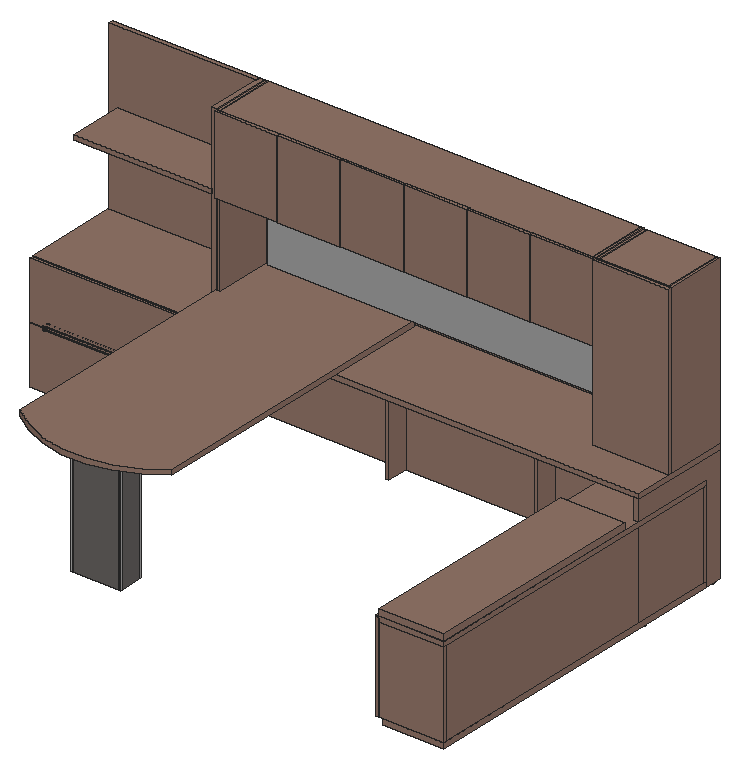
Revit family "OFS TYPICAL T100009", category Furniture, Revit 2022
Family settings
  OmniClass Number = 23.40.20.00
  OmniClass Title = General Furniture and Specialties
  Work Plane-Based = No
  Always vertical = Yes
  Cut with Voids When Loaded = No
  Render Appearance Source = Family Geometry
  Shared = No
  Room Calculation Point = No
Parameters (values of type "T100009")
  URL = "http://ofs.com/"
  Model = "T100009"
  Manufacturer = "OFS"
  Description = "OFS TYPICAL T100009"
  Default Elevation = 0' - 0"
  Copyright © = "©OFS 2024"
  Catalog = ""
  Authoring Version = "Autodesk Revit 2018"
  Assembly Code = "E2020200"
Reference planes (in)
  plane 1 "Center Front/Back": y = 0
  plane 2: z = 0
  plane 3 "Center Left/Right": x = 0
Dimensions and locks (in)
  aligned and locked: level to plane 2
Nested families (in)
  nested 1: "OFS SLATE CREDENZA SHELL" at (53.51245, 0, 0), type "Credenza Shell 108"W"
    with Top OFS SLATE Dark Wood, Panel OFS SLATE Dark Wood, Mount Panel OFS SLATE Dark Wood, Glides OFS SLATE Black Plastic
  nested 2: "OFS SLATE WORKSURFACE STORAGE CABINET" at (53.51245, 0, 0), type "Worksurface Storage Cabinet 39.5H - Single Door Right - 18W x 15D"
    with Top OFS SLATE Dark Wood, Panel OFS SLATE Dark Wood, Elevation 2' - 5 1/4", Door OFS SLATE Dark Wood, Case OFS SLATE Dark Wood, Base OFS SLATE Dark Wood, Back OFS SLATE Dark Wood
  nested 3: "OFS SLATE CREDENZAS" at (-90.48755, 0, 0), type "36"W Lateral File"
    with Top OFS Dark Wood, Panel OFS Dark Wood, Glides OFS Black Plastic, Drawers OFS Dark Wood, Case OFS Dark Wood, Base OFS Dark Wood
  nested 4: "OFS SLATE OPEN SHELF ORGANIZER" at (-54.48755, 0, 0), type "Open Shelf Organizer1 Shelf - Left 1 High - 36W x 40H"
    with Shelf OFS SLATE Dark Wood, Panel OFS SLATE Dark Wood, Elevation 2' - 5 1/4"
  nested 5: "OFS SLATE CUSHION FOR LOW HEIGHT CREDENZA" at (38.26245, -82, 0) x (0, 1, 0) z (0, 0, 1), type "54"W"
    with Surface OFS SLATE Dark Wood, Elevation 2' - 0 3/4"
  nested 6: "OFS SLATE LOW HEIGHT CREDENZA" at (53.51245, -4, 0) x (0, -1, 0) z (0, 0, 1), type "78"W Left"
    with Top OFS SLATE Dark Wood, Shelfs OFS SLATE Dark Wood, Right no, Panel OFS SLATE Dark Wood, Left yes, Glides OFS SLATE Black Plastic, Drawers OFS SLATE Dark Wood, Case OFS SLATE Dark Wood, Base OFS SLATE Dark Wood
  nested 7: "OFS SLATE TACKBOARDS" at (-54.5625, 0, 0), type "Tackboard 90W x 19D"
    with Elevation 2' - 6 1/2", Board OFS SLATE White Fabric
  nested 8: "OFS SLATE HIGHBACK ORGANIZER" at (-54.5, 0, 0), type "Highback Organizer 6 Doors 90W x 40H - 1 High"
    with Top OFS SLATE Dark Wood, Show Doors yes, Panel OFS SLATE Dark Wood, Elevation 2' - 5 1/4", Doors OFS SLATE Dark Wood, Center Doors yes, Base Panel OFS SLATE Dark Wood, Base OFS SLATE Dark Wood, Back OFS SLATE Dark Wood
  nested 9: "OFS SLATE OVERLAY RUNOFF DESK POST" at (-18.48828, -0.75, 0) x (0, -1, 0) z (0, 0, 1), type "Overlay Runoff Desk with Post Base 78W x 36D - Arc End Top"
    with Worksurface OFS Dark Wood, Column Edge OFS Metal, Column OFS Black Wood
Definition of nested family "OFS SLATE CREDENZA SHELL"
  Parameters (values of type "Credenza Shell 108"W")
    Width = 9' - 0"
    URL = "http://www.ofs.com/"
    Top [instance] = none
    Panel [instance] = none
    Mount Panel [instance] = none
    Model = "CA-10824SHEL"
    Manufacturer = "CAROLINA"
    Length = if(Width = 9' 0", 1' 5.612", 0' 0")  # 1' - 5.612"
    Glides [instance] = none
    Description = "OFS SLATE Credenza Shell 108W x 24D x 29.25H, Slate Private Office"
    Default Elevation = 0' - 0"
    Copyright © = "© 2019 OFS"
    Catalog = "https://ofs.com/products/tables/conference/slate"
    Authoring Version = "Autodesk Revit Architecture 2014"
    Assembly Code = "E2020200"
  Types (3): name | Width | Model | Length | Description
    Credenza Shell 108"W | 9' - 0" | "CA-10824SHEL" | 1' - 5.612" | "OFS SLATE Credenza Shell 108W x 24D x 29.25H, Slate Private Office"
    Credenza Shell 90"W | 7' - 6" | "CA-9024SHEL" | 0' - 0" | "OFS SLATE Credenza Shell 90W x 24D x 29.25H, Slate Private Office"
    Credenza Shell 72"W | 6' - 0" | "CA-7224SHEL" | 0' - 0" | "OFS SLATE Credenza Shell 72W x 24D x 29.25H, Slate Private Office"
  Reference planes (in)
    plane 1 "Center (Front/Back)": y = 0
    plane 2: z = 0
    plane 3 "Center (Left/Right)": x = 0
    plane 4: x = -108
    plane 5: y = -24
    plane 6: x = -54
    plane 7: y = -12
    plane 8: z = 29.2
    plane 9: z = 28.0125
    plane 10: z = 27.2625
    plane 11: z = 14.45
    plane 12: z = 6.7125
    plane 13: z = 0.45
    plane 14: y = -1.37544
    plane 15: y = -21.74956
    plane 16: x = -71.612
    plane 17: x = -36.388
  Forms (in)
    Extrusion 1, solid, material <- "Panel"
      sketch origin (0, 0, 0) x (1, 0, 0) y (0, 0, 1)
        loop
          line (-108, 0.45) -> (-106.8125, 0.45) -> (-106.8125, 28.0125) -> (-108, 28.0125) -> (-108, 0.45)
        loop
          line (0, 0.45) -> (0, 28.0125) -> (-1.1875, 28.0125) -> (-1.1875, 0.45) -> (0, 0.45)
      from 0 to 24
    Revolve 2, solid, material <- "Glides"
      sketch origin (-71.77935, -1.37544, 47.24409) x (-1, 0, 0) y (0, 0, 1)
        loop
          line (35.6269, -46.79409) -> (35.6269, -47.24409) -> (35.8769, -47.24409)
          arc (35.8769, -47.24409) -> (36.00288, -47.13421) -> (35.91558, -46.99165) r 0.12951
          line (35.91558, -46.99165) -> (35.8769, -46.99165) -> (35.8769, -46.79409) -> (35.6269, -46.79409)
        axis (35.6269, -47.24409) -> (35.6269, -46.79409)
      angle from 0 to 360
    Revolve 3, solid, material <- "Glides"
      sketch origin (-71.77935, -21.74956, 47.24409) x (-1, 0, 0) y (0, 0, 1)
        loop
          line (35.6269, -46.79409) -> (35.6269, -47.24409) -> (35.8769, -47.24409)
          arc (35.8769, -47.24409) -> (36.00288, -47.13421) -> (35.91558, -46.99165) r 0.12951
          line (35.91558, -46.99165) -> (35.8769, -46.99165) -> (35.8769, -46.79409) -> (35.6269, -46.79409)
        axis (35.6269, -47.24409) -> (35.6269, -46.79409)
      angle from 0 to 360
    Revolve 4, solid, material <- "Glides"
      sketch origin (-0.22065, -1.37544, 47.24409) x (1, 0, 0) y (0, 0, -1)
        loop
          line (-0.3731, 46.79409) -> (-0.1231, 46.79409) -> (-0.1231, 46.99165) -> (-0.08442, 46.99165)
          arc (-0.08442, 46.99165) -> (0.00288, 47.13421) -> (-0.1231, 47.24409) r 0.12951
          line (-0.1231, 47.24409) -> (-0.3731, 47.24409) -> (-0.3731, 46.79409)
        axis (-0.3731, 47.24409) -> (-0.3731, 46.79409)
      angle from 0 to 360
    Revolve 5, solid, material <- "Glides"
      sketch origin (-0.22065, -21.74956, 47.24409) x (1, 0, 0) y (0, 0, -1)
        loop
          line (-0.3731, 46.79409) -> (-0.1231, 46.79409) -> (-0.1231, 46.99165) -> (-0.08442, 46.99165)
          arc (-0.08442, 46.99165) -> (0.00288, 47.13421) -> (-0.1231, 47.24409) r 0.12951
          line (-0.1231, 47.24409) -> (-0.3731, 47.24409) -> (-0.3731, 46.79409)
        axis (-0.3731, 47.24409) -> (-0.3731, 46.79409)
      angle from 0 to 360
    Extrusion 6, solid, material <- "Top"
      sketch origin (0, 0, 0) x (0, 1, 0) y (0, 0, 1)
        loop
          line (0, 29.2) -> (-24, 29.2) -> (-24, 28.0125) -> (0, 28.0125) -> (0, 29.2)
      from 0 to -108
    Extrusion 7, solid, material <- "Panel"
      sketch origin (0, 0, 0) x (1, 0, 0) y (0, 1, 0)
        loop
          line (-106.0625, -3.25) -> (-106.0625, 0) -> (-106.8125, 0) -> (-106.8125, -3.25) -> (-106.0625, -3.25)
        loop
          line (-1.9375, -3.25) -> (-1.1875, -3.25) -> (-1.1875, 0) -> (-1.9375, 0) -> (-1.9375, -3.25)
      from 0.45 to 28.0125
    Extrusion 8, solid, material <- "Mount Panel"
      sketch origin (0, 0, 0) x (1, 0, 0) y (0, 1, 0)
        loop
          line (-106.8125, -3.25) -> (-106.8125, -4) -> (-1.1875, -4) -> (-1.1875, -3.25) -> (-106.8125, -3.25)
      from 0.45 to 14.45
    Extrusion 9, void
      sketch origin (-71.612, -9, 47.24409) x (0, -1, 0) y (0, 0, 1)
        loop
          line (-5.75, -19.2316) -> (-5.75, -46.79409) -> (0, -46.79409) -> (0, -19.2316) -> (-5.75, -19.2316)
      from -0.5 to 0.5
    Extrusion 10, solid, material <- "Panel"
      sketch origin (0, 0, 0) x (1, 0, 0) y (0, 1, 0)
        loop
          line (-71.987, 0) -> (-72.737, 0) -> (-72.737, -3.25) -> (-71.987, -3.25) -> (-71.987, 0)
        loop
          line (-70.487, 0) -> (-71.237, 0) -> (-71.237, -3.25) -> (-70.487, -3.25) -> (-70.487, 0)
      from 0.45 to 28.0125
    Extrusion 11, solid, material <- "Mount Panel"
      sketch origin (0, 0, 0) x (1, 0, 0) y (0, 1, 0)
        loop
          line (-106.6875, -3.25) -> (-106.6875, -4) -> (-1.3125, -4) -> (-1.3125, -3.25) -> (-106.6875, -3.25)
      from 14.575 to 27.2625
    Extrusion 12, solid, material <- "Panel"
      sketch origin (-71.612, -9, 47.24409) x (0, 1, 0) y (0, 0, 1)
        loop
          line (9, -19.2316) -> (0, -19.2316) -> (0, -46.79409) -> (9, -46.79409) -> (9, -19.2316)
      from -0.375 to 0.375
    Extrusion 13, solid, material <- "Panel"
      sketch origin (-108, 0, 0) x (-1, 0, 0) y (0, -1, 0)
        loop
          line (-71.987, 0) -> (-71.987, 3.25) -> (-72.737, 3.25) -> (-72.737, 0) -> (-71.987, 0)
        loop
          line (-70.487, 0) -> (-70.487, 3.25) -> (-71.237, 3.25) -> (-71.237, 0) -> (-70.487, 0)
      from 0.45 to 28.0125
    Extrusion 14, solid, material <- "Panel"
      sketch origin (-36.388, -9, 47.24409) x (0, 1, 0) y (0, 0, -1)
        loop
          line (9, 19.2316) -> (9, 46.79409) -> (0, 46.79409) -> (0, 19.2316) -> (9, 19.2316)
      from -0.375 to 0.375
    Extrusion 15, void
      sketch origin (-36.388, -9, 47.24409) x (0, -1, 0) y (0, 0, -1)
        loop
          line (-5.75, 19.2316) -> (0, 19.2316) -> (0, 46.79409) -> (-5.75, 46.79409) -> (-5.75, 19.2316)
      from -0.5 to 0.5
    Extrusion 16, void
      sketch origin (-71.612, -9, 47.24409) x (0, -1, 0) y (0, 0, 1)
        loop
          line (0, -46.79409) -> (0, -19.2316) -> (-5.75, -19.2316) -> (-5.75, -46.79409) -> (0, -46.79409)
      from -0.375 to 0.375
    Extrusion 17, void
      sketch origin (-36.388, -9, 47.24409) x (0, -1, 0) y (0, 0, -1)
        loop
          line (0, 46.79409) -> (-5.75, 46.79409) -> (-5.75, 19.2316) -> (0, 19.2316) -> (0, 46.79409)
      from -0.375 to 0.375
  Cuts and joins
    Extrusion 9, Extrusion 15, Extrusion 16, Extrusion 17 cuts Extrusion 6
    Extrusion 9, Extrusion 15 cuts Extrusion 11
    Extrusion 15 cuts Extrusion 10
    Extrusion 16, Extrusion 17 cuts Extrusion 8
  Lines and regions (in)
    Masking region 1
      outline origin (-78.64777, -60, 29.2) x (-1, 0, 0) y (0, -1, 0)
        loop
          line (29.35223, -60) -> (29.35223, -36) -> (-78.64777, -36) -> (-78.64777, -60) -> (29.35223, -60)
  Dimensions and locks (in)
    equal spacing: plane 4, plane 6, plane 3 "Center (Left/Right)"
    "Width": plane 4 to plane 3 "Center (Left/Right)"
    equal spacing: plane 5, plane 7, plane 1 "Center (Front/Back)"
    locked: plane 5 to plane 1 "Center (Front/Back)" at 24
    "Length": plane 16 to plane 6
    "Length": plane 17 to plane 6
    aligned and locked: level to plane 2
    aligned and locked: plane 6 to nested 1
    aligned and locked: nested 1 to plane 5
    aligned and locked: plane 9 to Extrusion 1 sketch curve  (x2)
    aligned and locked: plane 4 to Extrusion 1 sketch curve
    aligned and locked: Extrusion 1 sketch curve to plane 13  (x2)
    aligned and locked: Extrusion 1 sketch curve to plane 3 "Center (Left/Right)"
    aligned and locked: Extrusion 1 to plane 5
    aligned and locked: Extrusion 1 to plane 1 "Center (Front/Back)"
    aligned and locked: Extrusion 6 sketch curve to plane 8
    aligned and locked: Extrusion 6 sketch curve to plane 9
    aligned and locked: plane 1 "Center (Front/Back)" to Extrusion 6 sketch curve
    aligned and locked: Extrusion 6 sketch curve to plane 5
    aligned and locked: plane 4 to Extrusion 6
    aligned and locked: Extrusion 7 to plane 9
    aligned and locked: Extrusion 7 to plane 13
    aligned and locked: Extrusion 8 to plane 11
    aligned and locked: plane 10 to Extrusion 11
    aligned and locked: Masking region 1 sketch curve to Extrusion 1  (x2)
    aligned and locked: Masking region 1 sketch curve to plane 3 "Center (Left/Right)"
    aligned and locked: Masking region 1 sketch curve to plane 5
  Automatic sketch dimensions
    Extrusion 1 sketch curve to plane 4 = 0' - 1 3/16"
    Extrusion 1 sketch curve to plane 3 "Center (Left/Right)" = 0' - 1 3/16"
    Revolve 2 sketch curve to plane 13 = 0' - 0"  (x2)
    Revolve 2 sketch curve to level = 0' - 0"
    Revolve 2 sketch curve to plane 4 = 0' - 0 19/32"
    level to Revolve 2 sketch curve = 0' - 0.1295"
    Revolve 2 sketch curve to Revolve 2 sketch curve = 0' - 0.24796"
    Revolve 2 sketch curve to Revolve 2 sketch curve = 0' - 0.00204"  (x2)
    Revolve 2 sketch curve to Revolve 2 sketch curve = 0' - 0.03868"
    Revolve 2 sketch curve to Revolve 2 sketch curve = 0' - 0"
    Revolve 2 sketch curve to plane 13 = 0' - 0.08255"
    Revolve 3 sketch curve to plane 13 = 0' - 0"  (x2)
    Revolve 3 sketch curve to level = 0' - 0"
    Revolve 3 sketch curve to plane 4 = 0' - 0 19/32"
    level to Revolve 3 sketch curve = 0' - 0.1295"
    Revolve 3 sketch curve to Revolve 3 sketch curve = 0' - 0.24796"
    Revolve 3 sketch curve to Revolve 3 sketch curve = 0' - 0.00204"  (x2)
    Revolve 3 sketch curve to Revolve 3 sketch curve = 0' - 0.03868"
    Revolve 3 sketch curve to Revolve 3 sketch curve = 0' - 0"
    Revolve 3 sketch curve to plane 13 = 0' - 0.08255"
    Revolve 4 sketch curve to plane 13 = 0' - 0"  (x2)
    Revolve 4 sketch curve to level = 0' - 0"
    Revolve 4 sketch curve to plane 3 "Center (Left/Right)" = 0' - 0 19/32"
    level to Revolve 4 sketch curve = 0' - 0.1295"
    Revolve 4 sketch curve to Revolve 4 sketch curve = 0' - 0.24796"
    Revolve 4 sketch curve to Revolve 4 sketch curve = 0' - 0.00204"  (x2)
    Revolve 4 sketch curve to Revolve 4 sketch curve = 0' - 0.03868"
    Revolve 4 sketch curve to Revolve 4 sketch curve = 0' - 0"
    Revolve 4 sketch curve to Revolve 4 sketch curve = 0' - 0.08255"
    Revolve 5 sketch curve to plane 13 = 0' - 0"  (x2)
    Revolve 5 sketch curve to level = 0' - 0"
    Revolve 5 sketch curve to plane 3 "Center (Left/Right)" = 0' - 0 19/32"
    level to Revolve 5 sketch curve = 0' - 0.1295"
    Revolve 5 sketch curve to Revolve 5 sketch curve = 0' - 0.24796"
    Revolve 5 sketch curve to Revolve 5 sketch curve = 0' - 0.00204"  (x2)
    Revolve 5 sketch curve to Revolve 5 sketch curve = 0' - 0.03868"
    Revolve 5 sketch curve to Revolve 5 sketch curve = 0' - 0"
    Revolve 5 sketch curve to Revolve 5 sketch curve = 0' - 0.08255"
    Extrusion 7 sketch curve to plane 1 "Center (Front/Back)" = 0' - 0"
    plane 1 "Center (Front/Back)" to Extrusion 7 sketch curve = 0' - 0"
    Extrusion 7 sketch curve to plane 4 = 0' - 1 3/16"
    Extrusion 7 sketch curve to Extrusion 7 sketch curve = 0' - 0 3/4"  (x2)
    Extrusion 7 sketch curve to plane 3 "Center (Left/Right)" = 0' - 1 15/16"
    Extrusion 7 sketch curve to plane 14 = 0' - 1.87456"  (x2)
    Extrusion 8 sketch curve to plane 4 = 0' - 1 3/16"
    Extrusion 8 sketch curve to plane 3 "Center (Left/Right)" = 0' - 1 3/16"
    Extrusion 8 sketch curve to plane 14 = 0' - 2.62456"
    Extrusion 8 sketch curve to Extrusion 8 sketch curve = 0' - 0 3/4"
    plane 13 to Extrusion 9 sketch curve = 0' - 0"
    plane 9 to Extrusion 9 sketch curve = 0' - 0"
    Extrusion 9 sketch curve to plane 14 = 0' - 1.87456"
    plane 7 to Extrusion 9 sketch curve = 0' - 3"
    plane 1 "Center (Front/Back)" to Extrusion 10 sketch curve = 0' - 0"  (x2)
    Extrusion 10 sketch curve to plane 16 = 0' - 1 1/8"
    Extrusion 10 sketch curve to plane 16 = 0' - 0 3/8"
    plane 16 to Extrusion 10 sketch curve = 0' - 0 3/8"
    Extrusion 10 sketch curve to Extrusion 10 sketch curve = 0' - 0 3/4"
    Extrusion 10 sketch curve to plane 14 = 0' - 1.87456"
    Extrusion 10 sketch curve to Extrusion 10 sketch curve = 0' - 0"
    Extrusion 11 sketch curve to plane 4 = 0' - 1 5/16"
    Extrusion 11 sketch curve to plane 3 "Center (Left/Right)" = 0' - 1 5/16"
    Extrusion 11 sketch curve to plane 14 = 0' - 2.62456"
    Extrusion 11 sketch curve to Extrusion 11 sketch curve = 0' - 0 3/4"
    plane 9 to Extrusion 12 sketch curve = 0' - 0"
    plane 13 to Extrusion 12 sketch curve = 0' - 0"
    Extrusion 12 sketch curve to plane 1 "Center (Front/Back)" = 0' - 0"
    plane 7 to Extrusion 12 sketch curve = 0' - 3"
    plane 1 "Center (Front/Back)" to Extrusion 13 sketch curve = 0' - 0"  (x2)
    plane 17 to Extrusion 13 sketch curve = 0' - 1 1/8"
    plane 17 to Extrusion 13 sketch curve = 0' - 0 3/8"
    Extrusion 13 sketch curve to plane 17 = 0' - 0 3/8"
    Extrusion 13 sketch curve to Extrusion 13 sketch curve = 0' - 0 3/4"
    plane 14 to Extrusion 13 sketch curve = 0' - 1.87456"
    Extrusion 13 sketch curve to Extrusion 13 sketch curve = 0' - 0"
    plane 9 to Extrusion 14 sketch curve = 0' - 0"
    plane 13 to Extrusion 14 sketch curve = 0' - 0"
    Extrusion 14 sketch curve to plane 1 "Center (Front/Back)" = 0' - 0"
    Extrusion 14 sketch curve to plane 7 = 0' - 3"
    plane 13 to Extrusion 15 sketch curve = 0' - 0"
    plane 9 to Extrusion 15 sketch curve = 0' - 0"
    plane 14 to Extrusion 15 sketch curve = 0' - 1.87456"
    Extrusion 15 sketch curve to plane 7 = 0' - 3"
    plane 13 to Extrusion 16 sketch curve = 0' - 0"
    plane 9 to Extrusion 16 sketch curve = 0' - 0"
    plane 7 to Extrusion 16 sketch curve = 0' - 3"
    Extrusion 16 sketch curve to plane 14 = 0' - 1.87456"
    Extrusion 17 sketch curve to plane 7 = 0' - 3"
    plane 9 to Extrusion 17 sketch curve = 0' - 0"
    plane 13 to Extrusion 17 sketch curve = 0' - 0"
    plane 14 to Extrusion 17 sketch curve = 0' - 1.87456"
  Nested families (in)
    nested 1: "Tag" at (-54, -24, 0) x (-1, 0, 0) z (0, 0, 1), type "Center", detail levels fine
      with Offset (LR) 0' - 0", Distance of Center (not Change) 0' - 0.11"
  Definition of nested family "Tag"
    Parameters
      P_Width = 0' - 0"
      Text_Width = "Empty"
      Text_Height = "Empty"
      Text_Diameter = "Empty"
      Text_Depth = "Empty"
      Offset (LR) [instance] = 0' - 0"
      Model Name = ""
      P_Height = 0' - 0"
      Distance of Center (not Change) = 0' - 0"
      P_Diameter = 0' - 0"
      P_Depth = 0' - 0"
    Reference planes (in)
      plane 1: y = 0
      plane 2: x = 0
    Lines and regions (in)
      reference lines
        curve 1: line (-0.44359, 0, 0) -> (0.41085, 0, 0)
        curve 3: line (0, 0.32564, 0) -> (0, -0.40221, 0)
      reference lines, not visible
        curve 2: line (-0.44359, 0.09843, 0) -> (0.41085, 0.09843, 0)
        curve 4: line (0, 0.42407, 0) -> (0, -0.30379, 0)
    Text (in)
      label "Empty" at (0.00197, -0.0079, 0), shows "Model Name"
      label "Empty" at (0.00197, 0.09052, 0), shows "Model Name", not visible
    Dimensions and locks (in)
      "Distance of Center (not Change)": plane 1 to curve 1
      "Offset (LR)": curve 3 to plane 2
    Automatic sketch dimensions
      curve 1 to curve 3 = 0' - 0.44359"
      curve 3 to curve 1 = 0' - 0.41085"
      curve 3 to curve 1 = 0' - 0.40221"
      curve 1 to curve 3 = 0' - 0.32564"
      curve 2 to curve 4 = 0' - 0.44359"
      curve 4 to curve 2 = 0' - 0.41085"
      curve 4 to curve 2 = 0' - 0.40221"
      curve 2 to curve 4 = 0' - 0.32564"
Definition of nested family "OFS SLATE WORKSURFACE STORAGE CABINET"
  Parameters (values of type "Worksurface Storage Cabinet Legal Depth 39.5H - Single Door Left - 18W x 15D")
    Width = 1' - 6"
    URL = "http://www.ofs.com/"
    Top [instance] = none
    Single Door = yes
    Right = no
    Panel [instance] = none
    Model = "CA-181840WSCL"
    Manufacturer = "CAROLINA"
    Left = yes
    Height = 3' - 4"
    Elevation [instance] = 2' - 5 1/4"
    Door [instance] = none
    Double Doors = no
    Doors = or(Double Doors, Left)  # yes
    Description = "OFS SLATE Worksurface Storage Cabinet, Legal Depth, Single Door Left 18W x 15D x 39.5H, Slate Private Office"
    Depth = 1' - 6"
    Default Elevation = 0' - 0"
    Copyright © = "© 2019 OFS"
    Catalog = "https://ofs.com/products/tables/conference/slate"
    Case [instance] = none
    Base [instance] = none
    Back [instance] = none
    Authoring Version = "Autodesk Revit Architecture 2014"
    Assembly Code = "E2020200"
  Types (24): name | Width | Single Door | Right | Model | Left | Height | Double Doors | Doors | Description | Depth
    Worksurface Storage Cabinet Legal Depth 51.5H - Double Doors - 36W x 15D | 3' - 0" | no | no | "CA-361852WSC" | no | 4' - 4" | yes | yes | "OFS SLATE Worksurface Storage Cabinet, Legal Depth, Double Doors 36W x 15D x 51.5H, Slate Private Office" | 1' - 6"
    Worksurface Storage Cabinet Legal Depth 51.5H - Double Doors - 30W x 15D | 2' - 6" | no | no | "CA-301852WSC" | no | 4' - 4" | yes | yes | "OFS SLATE Worksurface Storage Cabinet, Legal Depth, Double Doors 30W x 15D x 51.5H, Slate Private Office" | 1' - 6"
    Worksurface Storage Cabinet Legal Depth 39.5H - Double Doors - 36W x 15D | 3' - 0" | no | no | "CA-361840WSC" | no | 3' - 4" | yes | yes | "OFS SLATE Worksurface Storage Cabinet, Legal Depth, Double Doors 36W x 15D x 39.5H, Slate Private Office" | 1' - 6"
    Worksurface Storage Cabinet Legal Depth 39.5H - Double Doors - 30W x 15D | 2' - 6" | no | no | "CA-301840WSC" | no | 3' - 4" | yes | yes | "OFS SLATE Worksurface Storage Cabinet, Legal Depth, Double Doors 30W x 15D x 39.5H, Slate Private Office" | 1' - 6"
    Worksurface Storage Cabinet Legal Depth 51.5H - Single Door Left - 24W x 15D | 2' - 0" | yes | no | "CA-241852WSCL" | yes | 4' - 4" | no | yes | "OFS SLATE Worksurface Storage Cabinet, Legal Depth, Single Door Left 24W x 15D x 51.5H, Slate Private Office" | 1' - 6"
    Worksurface Storage Cabinet Legal Depth 51.5H - Single Door Left - 18W x 15D | 1' - 6" | yes | no | "CA-181852WSCL" | yes | 4' - 4" | no | yes | "OFS SLATE Worksurface Storage Cabinet, Legal Depth, Single Door Left 18W x 15D x 51.5H, Slate Private Office" | 1' - 6"
    Worksurface Storage Cabinet Legal Depth 51.5H - Single Door Right - 24W x 15D | 2' - 0" | yes | yes | "CA-241852WSCR" | no | 4' - 4" | no | no | "OFS SLATE Worksurface Storage Cabinet, Legal Depth, Single Door Right 24W x 15D x 51.5H, Slate Private Office" | 1' - 6"
    Worksurface Storage Cabinet Legal Depth 51.5H - Single Door Right - 18W x 15D | 1' - 6" | yes | yes | "CA-181852WSCR" | no | 4' - 4" | no | no | "OFS SLATE Worksurface Storage Cabinet, Legal Depth, Single Door Right 18W x 15D x 51.5H, Slate Private Office" | 1' - 6"
    Worksurface Storage Cabinet Legal Depth 39.5H - Single Door Left - 24W x 15D | 2' - 0" | yes | no | "CA-241840WSCL" | yes | 3' - 4" | no | yes | "OFS SLATE Worksurface Storage Cabinet, Legal Depth, Single Door Left 24W x 15D x 39.5H, Slate Private Office" | 1' - 6"
    Worksurface Storage Cabinet Legal Depth 39.5H - Single Door Left - 18W x 15D | 1' - 6" | yes | no | "CA-181840WSCL" | yes | 3' - 4" | no | yes | "OFS SLATE Worksurface Storage Cabinet, Legal Depth, Single Door Left 18W x 15D x 39.5H, Slate Private Office" | 1' - 6"
    Worksurface Storage Cabinet Legal Depth 39.5H - Single Door Right - 24W x 15D | 2' - 0" | yes | yes | "CA-241840WSCR" | no | 3' - 4" | no | no | "OFS SLATE Worksurface Storage Cabinet, Legal Depth, Single Door Right 24W x 15D x 39.5H, Slate Private Office" | 1' - 6"
    Worksurface Storage Cabinet Legal Depth 39.5H - Single Door Right - 18W x 15D | 1' - 6" | yes | yes | "CA-181840WSCR" | no | 3' - 4" | no | no | "OFS SLATE Worksurface Storage Cabinet, Legal Depth, Single Door Right 18W x 15D x 39.5H, Slate Private Office" | 1' - 6"
    Worksurface Storage Cabinet 51.5H - Double Doors - 36W x 15D | 3' - 0" | no | no | "CA-3652WSC" | no | 4' - 4" | yes | yes | "OFS SLATE Worksurface Storage Cabinet Double Doors 36W x 15D x 51.5H, Slate Private Office" | 1' - 3"
    Worksurface Storage Cabinet 51.5H - Double Doors - 30W x 15D | 2' - 6" | no | no | "CA-3052WSC" | no | 4' - 4" | yes | yes | "OFS SLATE Worksurface Storage Cabinet Double Doors 30W x 15D x 51.5H, Slate Private Office" | 1' - 3"
    Worksurface Storage Cabinet 39.5H - Double Doors - 36W x 15D | 3' - 0" | no | no | "CA-3640WSC" | no | 3' - 4" | yes | yes | "OFS SLATE Worksurface Storage Cabinet Double Doors 36W x 15D x 39.5H, Slate Private Office" | 1' - 3"
    Worksurface Storage Cabinet 39.5H - Double Doors - 30W x 15D | 2' - 6" | no | no | "CA-3040WSC" | no | 3' - 4" | yes | yes | "OFS SLATE Worksurface Storage Cabinet Double Doors 30W x 15D x 39.5H, Slate Private Office" | 1' - 3"
    Worksurface Storage Cabinet 51.5H - Single Door Left - 24W x 15D | 2' - 0" | yes | no | "CA-2452WSCL" | yes | 4' - 4" | no | yes | "OFS SLATE Worksurface Storage Cabinet Single Door Left 24W x 15D x 51.5H, Slate Private Office" | 1' - 3"
    Worksurface Storage Cabinet 51.5H - Single Door Left - 18W x 15D | 1' - 6" | yes | no | "CA-1852WSCL" | yes | 4' - 4" | no | yes | "OFS SLATE Worksurface Storage Cabinet Single Door Left 18W x 15D x 51.5H, Slate Private Office" | 1' - 3"
    Worksurface Storage Cabinet 51.5H - Single Door Right - 24W x 15D | 2' - 0" | yes | yes | "CA-2452WSCR" | no | 4' - 4" | no | no | "OFS SLATE Worksurface Storage Cabinet Single Door Right 24W x 15D x 51.5H, Slate Private Office" | 1' - 3"
    Worksurface Storage Cabinet 51.5H - Single Door Right - 18W x 15D | 1' - 6" | yes | yes | "CA-1852WSCR" | no | 4' - 4" | no | no | "OFS SLATE Worksurface Storage Cabinet Single Door Right 18W x 15D x 51.5H, Slate Private Office" | 1' - 3"
    Worksurface Storage Cabinet 39.5H - Single Door Left - 24W x 15D | 2' - 0" | yes | no | "CA-2440WSCL" | yes | 3' - 4" | no | yes | "OFS SLATE Worksurface Storage Cabinet Single Door Left 24W x 15D x 39.5H, Slate Private Office" | 1' - 3"
    Worksurface Storage Cabinet 39.5H - Single Door Left - 18W x 15D | 1' - 6" | yes | no | "CA-1840WSCL" | yes | 3' - 4" | no | yes | "OFS SLATE Worksurface Storage Cabinet Single Door Left 18W x 15D x 39.5H, Slate Private Office" | 1' - 3"
    Worksurface Storage Cabinet 39.5H - Single Door Right - 24W x 15D | 2' - 0" | yes | yes | "CA-2440WSCR" | no | 3' - 4" | no | no | "OFS SLATE Worksurface Storage Cabinet Single Door Right 24W x 15D x 39.5H, Slate Private Office" | 1' - 3"
    Worksurface Storage Cabinet 39.5H - Single Door Right - 18W x 15D | 1' - 6" | yes | yes | "CA-1840WSCR" | no | 3' - 4" | no | no | "OFS SLATE Worksurface Storage Cabinet Single Door Right 18W x 15D x 39.5H, Slate Private Office" | 1' - 3"
  Reference planes (in)
    plane 1 "Center (Front/Back)": y = 0
    plane 2: z = 0
    plane 3 "Center (Left/Right)": x = 0
    plane 4: x = 18
    plane 5: x = 9
    plane 6: z = 29.3125
    plane 7: z = 29.25
    plane 8: z = 68.6875
    plane 9: z = 30
    plane 10: z = 68.75
    plane 11: z = 68
    plane 12: z = 69.25
  Dimensions and locks (in)
    "Width": plane 3 "Center (Left/Right)" to plane 4
    equal spacing: plane 3 "Center (Left/Right)", plane 5, plane 4
    plane 12 to plane 10 to plane 8 to plane 11 = 0' - 0 1/2" locked, 0' - 0 1/16" locked, 0' - 0 11/16" locked
    plane 9 to plane 6 to plane 7 = 0' - 0 11/16" locked, 0' - 0 1/16" locked
    "Height": plane 12 to plane 7
    "Elevation": plane 7 to level
    equal spacing: nested 2, nested 4, plane 3 "Center (Left/Right)"
    aligned and locked: level to plane 2
    aligned and locked: nested 3 to nested 1
    aligned and locked: plane 5 to nested 3
    aligned and locked: nested 4 to nested 3
  Nested families (in)
    nested 1: "OFS_Slate Private Office_Worksurface_Storage_Cabinet" at (0, 0, 0), visible <- "Doors", Top <- "Top", Panel <- "Panel", Drawers <- "Door", Case <- "Case", Base <- "Base", Back <- "Back", Elevation <- "Elevation", Double Doors <- "Double Doors", Left <- "Left", type "OFS_Slate Private Office_Worksurface_Storage_Cabinet"
      with Top none, Single Door yes, Right no, Panel none, Left yes, Elevation 2' - 5 1/4", Drawers none, Double Doors no, Case none, Base none, Back none, Depth 1' - 6"
    nested 2: "OFS_Slate Private Office_Worksurface_Storage_Cabinet" at (0, 0, 0) x (-1, 0, 0) z (0, 0, 1), visible <- "Right", Top <- "Top", Panel <- "Panel", Drawers <- "Door", Case <- "Case", Base <- "Base", Back <- "Back", Elevation <- "Elevation", type "OFS_Slate Private Office_Worksurface_Storage_Cabinet"
      with Top none, Single Door yes, Right no, Panel none, Left yes, Elevation 2' - 5 1/4", Drawers none, Double Doors no, Case none, Base none, Back none, Depth 1' - 6"
    nested 3: "Tag" at (9, -21, 0) x (-1, 0, 0) z (0, 0, 1), visible <- "Doors", type "Center", detail levels fine
      with Offset (LR) 0' - 0"
    nested 4: "Tag" at (-9, -21, 0), visible <- "Right", type "Center", detail levels fine
      with Offset (LR) 0' - 0"
  Definition of nested family "OFS_Slate Private Office_Worksurface_Storage_Cabinet"
    Parameters
      Width = 1' - 6"
      URL = "http://www.ofsbrands.com/"
      Top [instance] = none
      Single Door [instance] = yes
      Right [instance] = no
      Panel [instance] = none
      Model = "Type Catalog"
      Manufacturer = "OFS BRANDS"  # constant formula
      Left [instance] = yes
      Height = 3' - 4"
      Elevation [instance] = 2' - 5 1/4"
      Drawers [instance] = none
      Double Doors [instance] = no
      Description = "Type Catalog"
      Depth = 1' - 3"
      Default Elevation = 0' - 0"
      Copyright © = "© 2016 OFS BRANDS"  # constant formula
      Catalog = "OFS"  # constant formula
      Case [instance] = none
      Base [instance] = none
      Back [instance] = none
      Authoring Version = "Autodesk Revit Architecture 2014"  # constant formula
      Assembly Code = "E2020200"
    Reference planes (in)
      plane 1 "Center (Front/Back)": y = 0
      plane 2: z = 0
      plane 3 "Center (Left/Right)": x = 0
      plane 4: x = 0.75
      plane 5: x = 17.25
      plane 6: x = 18
      plane 7: x = 17.9375
      plane 8: x = 0.0625
      plane 9: x = 9
      plane 10: y = -0.75
      plane 11: y = -18
      plane 12: y = -15.10681
      plane 13: y = -14.35681
      plane 14: y = -14.25
      plane 15: z = 29.3125
      plane 16: z = 29.25
      plane 17: z = 68.6875
      plane 18: z = 30
      plane 19: z = 68.75
      plane 20: z = 68
      plane 21: z = 69.25
      plane 22: y = -15
    Forms (in)
      Extrusion 1, solid, material <- "Case"
        sketch origin (0, 0, 0) x (1, 0, 0) y (0, 0, 1)
          loop
            line (0, 68.75) -> (0, 29.25) -> (0.75, 29.25) -> (0.75, 68.75) -> (0, 68.75)
          loop
            line (17.25, 68.75) -> (17.25, 29.25) -> (18, 29.25) -> (18, 68.75) -> (17.25, 68.75)
        from 0 to 14.25
      Extrusion 2, solid, material <- "Drawers", visible <- "Double Doors"
        sketch origin (-3.04745, -15.10681, 47.24409) x (-1, 0, 0) y (0, 0, 1)
          loop
            line (-11.98495, 21.44341) -> (-11.98495, -17.9316) -> (-3.10995, -17.9316) -> (-3.10995, 21.44341) -> (-11.98495, 21.44341)
          loop
            line (-12.10995, 21.44341) -> (-20.98495, 21.44341) -> (-20.98495, -17.9316) -> (-12.10995, -17.9316) -> (-12.10995, 21.44341)
        from 0 to 0.75
      Extrusion 3, solid, material <- "Drawers", visible <- "Single Door"
        sketch origin (-3.04745, -15.10681, 47.24409) x (-1, 0, 0) y (0, 0, 1)
          loop
            line (-3.10995, 21.44341) -> (-20.98495, 21.44341) -> (-20.98495, -17.9316) -> (-3.10995, -17.9316) -> (-3.10995, 21.44341)
        from 0 to 0.75
      Extrusion 4, solid, material <- "Back"
        sketch origin (59.59592, -60, 29.25) x (0, -1, 0) y (-1, 0, 0)
          loop
            line (-60, 58.84592) -> (-60, 42.34592) -> (-59.25, 42.34592) -> (-59.25, 58.84592) -> (-60, 58.84592)
        from 0 to -38.75
      Extrusion 5, solid, material <- "Top"
        sketch origin (-3.04745, -14.25, 47.24409) x (-1, 0, 0) y (0, 0, 1)
          loop
            line (-3.79745, 20.7559) -> (-3.79745, 21.5059) -> (-20.29745, 21.5059) -> (-20.29745, 20.7559) -> (-3.79745, 20.7559)
        from 0 to 14.25
      Extrusion 6, solid, material <- "Base"
        sketch origin (-3.04745, -14.25, 47.24409) x (-1, 0, 0) y (0, 0, 1)
          loop
            line (-3.79745, -17.24409) -> (-20.29745, -17.24409) -> (-20.29745, -17.99409) -> (-3.79745, -17.99409) -> (-3.79745, -17.24409)
        from 0 to 13.5
    Lines and regions (in)
      Masking region 1
        outline origin (-58.79662, -60, 68.75) x (-1, 0, 0) y (0, -1, 0)
          loop
            line (-58.79662, -60) -> (-58.79662, -44.89319) -> (-76.79662, -44.89319) -> (-76.79662, -60) -> (-58.79662, -60)
      symbolic lines, visible <- "Left", detail levels medium+fine
        curve 1: line (0, -15.10681, 68.75) -> (18, -18, 68.75)
        curve 3: line (18, -18, 68.75) -> (18, -15.10681, 68.75)
      symbolic lines, detail levels medium+fine
        curve 2: line (18, -15.10681, 68.75) -> (0, -15.10681, 68.75)
      symbolic lines, visible <- "Right", detail levels medium+fine
        curve 4: line (0, -18, 68.75) -> (18, -15.10681, 68.75)
        curve 5: line (0, -15.10681, 68.75) -> (0, -18, 68.75)
      symbolic lines, visible <- "Double Doors", detail levels medium+fine
        curve 6: line (0, -15.10681, 68.75) -> (9, -18, 68.75)
        curve 7: line (18, -15.10681, 68.75) -> (9, -18, 68.75)
    Dimensions and locks (in)
      locked: plane 10 to plane 1 "Center (Front/Back)" at 0.75
      plane 14 to plane 13 to plane 22 to plane 12 to plane 11 = 0' - 0.10681" locked, 0' - 0.64319" locked, 0' - 0.10681" locked, 0' - 2.89319" locked
      plane 3 "Center (Left/Right)" to plane 8 to plane 4 = 0' - 0 1/16" locked, 0' - 0 11/16" locked
      plane 5 to plane 7 to plane 6 = 0' - 0 11/16" locked, 0' - 0 1/16" locked
      "Width": plane 3 "Center (Left/Right)" to plane 6
      equal spacing: plane 3 "Center (Left/Right)", plane 9, plane 6
      plane 21 to plane 19 to plane 17 to plane 20 = 0' - 0 1/2" locked, 0' - 0 1/16" locked, 0' - 0 11/16" locked
      plane 18 to plane 15 to plane 16 = 0' - 0 11/16" locked, 0' - 0 1/16" locked
      "Height": plane 21 to plane 16
      "Elevation": plane 16 to level
      Extrusion 2 sketch curve to plane 9 to Extrusion 2 sketch curve = 0' - 0 1/16" locked, 0' - 0 1/16" locked
      "Depth": plane 1 "Center (Front/Back)" to plane 22
      aligned and locked: level to plane 2
      aligned and locked: Extrusion 1 sketch curve to plane 19  (x2)
      aligned and locked: plane 3 "Center (Left/Right)" to Extrusion 1 sketch curve
      aligned and locked: Extrusion 1 sketch curve to plane 16  (x2)
      aligned and locked: Extrusion 1 sketch curve to plane 4
      aligned and locked: Extrusion 1 sketch curve to plane 5
      aligned and locked: Extrusion 1 sketch curve to plane 6
      aligned and locked: Extrusion 1 to plane 14
      aligned and locked: Extrusion 2 sketch curve to plane 17
      aligned and locked: plane 15 to Extrusion 2 sketch curve
      aligned and locked: plane 17 to Extrusion 2 sketch curve
      aligned and locked: Extrusion 2 sketch curve to plane 15
      aligned and locked: Extrusion 2 sketch curve to plane 7
      aligned and locked: Extrusion 3 sketch curve to Extrusion 2  (x3)
      aligned and locked: Extrusion 3 sketch curve to plane 17
      aligned and locked: Extrusion 2 to plane 13
      aligned and locked: Extrusion 4 sketch curve to Extrusion 1
      aligned and locked: Extrusion 1 to Extrusion 4 sketch curve
      aligned and locked: plane 10 to Extrusion 4 sketch curve
      aligned and locked: plane 5 to Extrusion 4 sketch curve
      aligned and locked: Extrusion 4 to plane 20
      aligned and locked: Extrusion 5 sketch curve to Extrusion 4  (x2)
      aligned and locked: Extrusion 1 to Extrusion 5 sketch curve  (x2)
      aligned and locked: Extrusion 6 sketch curve to plane 18
      aligned and locked: Extrusion 6 sketch curve to plane 4
      aligned and locked: Extrusion 6 sketch curve to Extrusion 4
      aligned and locked: Extrusion 6 sketch curve to Extrusion 1
      aligned and locked: plane 10 to Extrusion 6
      aligned and locked: Extrusion 5 to plane 1 "Center (Front/Back)"
      aligned and locked: Extrusion 5 to plane 14
      aligned and locked: Masking region 1 sketch curve to Extrusion 1  (x3)
      aligned and locked: plane 12 to Masking region 1 sketch curve
      aligned and locked: plane 12 to curve 1
      aligned and locked: plane 11 to curve 1
      aligned and locked: curve 3 to plane 6
      aligned and locked: plane 12 to curve 4
      aligned and locked: curve 4 to plane 3 "Center (Left/Right)"
      aligned and locked: plane 11 to curve 4
      aligned and locked: Extrusion 3 to plane 13
      aligned and locked: curve 6 to plane 9
      aligned and locked: plane 3 "Center (Left/Right)" to curve 6
      aligned and locked: plane 6 to curve 7
    Automatic sketch dimensions
      Extrusion 2 sketch curve to plane 8 = 0' - 0"
      plane 11 to curve 6 = 0' - 0"
  Definition of nested family "Tag"
    Parameters
      P_Width = 0' - 0"
      Text_Width = "Empty"
      Text_Height = "Empty"
      Text_Diameter = "Empty"
      Text_Depth = "Empty"
      Offset (LR) [instance] = 0' - 0"
      Model Name = "Type Catalog"
      P_Height = 0' - 0"
      Distance of Center (not Change) = 0' - 0.1"
      P_Diameter = 0' - 0"
      P_Depth = 0' - 0"
    Reference planes (in)
      plane 1: y = 0
      plane 2: x = 0
    Lines and regions (in)
      reference lines
        curve 1: line (-0.44359, 0.1, 0) -> (0.41085, 0.1, 0)
        curve 3: line (0, 0.42564, 0) -> (0, -0.30221, 0)
      reference lines, not visible
        curve 2: line (-0.44359, 0.09843, 0) -> (0.41085, 0.09843, 0)
        curve 4: line (0, 0.42407, 0) -> (0, -0.30379, 0)
    Text (in)
      label "Empty" at (0.00197, 0.0921, 0), shows "Model Name"
      label "Empty" at (0.00197, 0.09052, 0), shows "Model Name", not visible
    Dimensions and locks (in)
      "Distance of Center (not Change)": plane 1 to curve 1
      "Offset (LR)": curve 3 to plane 2
    Automatic sketch dimensions
      curve 1 to curve 3 = 0' - 0.44359"
      curve 3 to curve 1 = 0' - 0.41085"
      curve 3 to curve 1 = 0' - 0.40221"
      curve 1 to curve 3 = 0' - 0.32564"
      curve 2 to curve 4 = 0' - 0.44359"
      curve 4 to curve 2 = 0' - 0.41085"
      curve 4 to curve 2 = 0' - 0.40221"
      curve 2 to curve 4 = 0' - 0.32564"
Definition of nested family "OFS SLATE CREDENZAS"
  Parameters (values of type "108"W Overlay Lateral File")
    Width = 9' - 0"
    URL = "http://www.ofs.com/"
    Type = 4
    Top [instance] = none
    Panel [instance] = none
    Model = "CA-A10825CLF6"
    Manufacturer = "CAROLINA"
    Glides [instance] = none
    Drawers [instance] = none
    Description = "OFS SLATE Credenza Overlay Lateral File 6 Drawers, 108W x 25.50D x 20.5H, Slate Private Office"
    Default Elevation = 0' - 0"
    Copyright © = "© 2019 OFS"
    Catalog = "https://ofs.com/products/casegoods/private-office/slate"
    Case [instance] = none
    Base [instance] = none
    Authoring Version = "Autodesk Revit Architecture 2014"
    Assembly Code = "E2020200"
  Types (19): name | Width | Type | Model | Description
    108"W Overlay Lateral File/Doors | 9' - 0" | 5 | "CA-A10825CLFC4" | "OFS SLATE Credenza Overlay Lateral File/Doors 4 Drawers, 108W x 25.50D x 30.5H, Slate Private Office"
    90"W Overlay Lateral File/Doors | 7' - 6" | 5 | "CA-A9025CLFC4" | "OFS SLATE Credenza Overlay Lateral File/Doors 4 Drawers, 90W x 25.50D x 30.5H, Slate Private Office"
    72"W Overlay Lateral File/Doors | 6' - 0" | 5 | "CA-A7225CLFC2" | "OFS SLATE Credenza Overlay Lateral File/Doors 2 Drawers, 72W x 25.50D x 30.5H, Slate Private Office"
    60"W Overlay Lateral File/Doors | 5' - 0" | 5 | "CA-A6025CLFC2" | "OFS SLATE Credenza Overlay Lateral File/Doors 2 Drawers, 60W x 25.50D x 30.5H, Slate Private Office"
    108"W Overlay Lateral File | 9' - 0" | 4 | "CA-A10825CLF6" | "OFS SLATE Credenza Overlay Lateral File 6 Drawers, 108W x 25.50D x 20.5H, Slate Private Office"
    90"W Overlay Lateral File | 7' - 6" | 4 | "CA-A9025CLF6" | "OFS SLATE Credenza Overlay Lateral File 6 Drawers, 90W x 25.50D x 20.5H, Slate Private Office"
    72"W Overlay Lateral File | 6' - 0" | 4 | "CA-A7225CLF4" | "OFS SLATE Credenza Overlay Lateral File 4 Drawers, 72W x 25.50D x 20.5H, Slate Private Office"
    60"W Overlay Lateral File | 5' - 0" | 4 | "CA-A6025CLF4" | "OFS SLATE Credenza Overlay Lateral File 4 Drawers, 60W x 25.50D x 20.5H, Slate Private Office"
    36"W Overlay Lateral File | 3' - 0" | 4 | "CA-A3625CLF2" | "OFS SLATE Credenza Overlay Lateral File 2 Drawers, 36W x 25.50D x 20.5H, Slate Private Office"
    30"W Overlay Lateral File | 2' - 6" | 4 | "CA-A3025CLF2" | "OFS SLATE Credenza Overlay Lateral File 2 Drawers, 30W x 25.50D x 20.5H, Slate Private Office"
    72"W Lateral File/Cabinet | 6' - 0" | 3 | "CA-7224CLFC2-2" | "OFS SLATE Credenza Lateral File/Babinet, 72W x 24.75D x 29,25H, Slate Private Office"
    66"W Lateral File/Cabinet | 5' - 6" | 3 | "CA-6624CLFC2-2" | "OFS SLATE Credenza Lateral File/Babinet, 66W x 24.75D x 29,25H, Slate Private Office"
    72"W Lateral File | 6' - 0" | 2 | "CA-7224CLF4-2" | "OFS SLATE Credenza Lateral File, 72W x 24.75D x 29,25H, Slate Private Office"
    60"W Lateral File | 5' - 0" | 2 | "CA-6024CLF4-2" | "OFS SLATE Credenza Lateral File, 60W x 24.75D x 29,25H, Slate Private Office"
    36"W Lateral File | 3' - 0" | 2 | "CA-3624CLF2-2" | "OFS SLATE Credenza Lateral File, 36W x 24.75D x 29,25H, Slate Private Office"
    30"W Lateral File | 2' - 6" | 2 | "CA-3024CLF2-2" | "OFS SLATE Credenza Lateral File, 30W x 24.75D x 29,25H, Slate Private Office"
    72"W Double Pedestal | 6' - 0" | 1 | "CA-7224CR-2" | "OFS SLATE Credenza Double Pedestal, 72W x 24.75D x 29,25H, Slate Private Office"
    66"W Double Pedestal | 5' - 6" | 1 | "CA-6624CR-2" | "OFS SLATE Credenza Double Pedestal, 66W x 24.75D x 29,25H, Slate Private Office"
    60"W Double Pedestal | 5' - 0" | 1 | "CA-6024CR-2" | "OFS SLATE Credenza Double Pedestal, 60W x 24.75D x 29,25H, Slate Private Office"
  Reference planes (in)
    plane 1 "Center (Front/Back)": y = 0
    plane 2: z = 0
    plane 3 "Center (Left/Right)": x = 0
    plane 4: x = 108
    plane 5: y = -24.83728
    plane 6: x = 54
  Dimensions and locks (in)
    "Width": plane 3 "Center (Left/Right)" to plane 4
    equal spacing: plane 3 "Center (Left/Right)", plane 6, plane 4
    aligned and locked: level to plane 2
    aligned and locked: plane 6 to nested 1
    aligned and locked: plane 5 to nested 1
  Nested families (in)
    nested 1: "Tag" at (54, -24.83728, 0), type "Center", detail levels fine
      with Offset (LR) 0' - 0", Distance of Center (not Change) 0' - 0.12"
    nested 2: "OFS_Slate Private Office_Credenzas_Double Pedestal" at (0, 0, 0), Top <- "Top", Panel <- "Panel", Glides <- "Glides", Drawers <- "Drawers", Case <- "Case", Base <- "Base", Width <- "Width", Type <- "Type", type "OFS_Slate Private Office_Credenzas_Double Pedestal"
      with Width 1 9' - 0", Width 9' - 0", Type 4, Top none, Panel none, Glides none, Drawers none, Double Pedestal no, Case none, Base none
    nested 3: "OFS_Slate Private Office_Credenzas_Lateral File Cabinet" at (0, 0, 0), Top <- "Top", Glides <- "Glides", Drawers <- "Drawers", Case <- "Case", Base <- "Base", Width <- "Width", type "OFS_Slate Private Office_Credenzas_Lateral File Cabinet"
      with Width 1 9' - 0", Width 9' - 0", Top none, Length 2' - 4.755", Glides none, Drawers none, Case none, Base none, Type 4, Lateral File/Cabinet no
    nested 4: "OFS_Slate Private Office_Credenzas_Lateral File" at (0, 0, 0), Top <- "Top", Glides <- "Glides", Drawers <- "Drawers", Case <- "Case", Base <- "Base", Width <- "Width", type "OFS_Slate Private Office_Credenzas_Lateral File"
      with Width 9' - 0", Top none, Length 3 9' - 3", Length 2 2' - 4.692", Length 1 4' - 6", Glides none, Drawers none, Case none, Base none, Type 4, Lateral File no
    nested 5: "OFS_Slate Private Office_Credenzas_Overlay Lateral File Doors" at (0, 0, 0), Top <- "Top", Panel <- "Panel", Glides <- "Glides", Drawers <- "Drawers", Case <- "Case", Base <- "Base", Width <- "Width", type "OFS_Slate Private Office_Credenzas_Overlay Lateral File Doors"
      with Width 1 9' - 0", Width 9' - 0", Top none, Panel none, Length 2 1' - 5 7/8", Length 1 2' - 3.005", Lateral Drawers no, Glides none, Drawers none, Case none, Base none, 4 Drawers no, 2 Drawers no, Type 4, Overlay Lateral File no
    nested 6: "OFS_Slate Private Office_Credenzas_Overlay Lateral File" at (0, 0, 0), Top <- "Top", Panel <- "Panel", Glides <- "Glides", Drawers <- "Drawers", Case <- "Case", Base <- "Base", Width <- "Width", type "OFS_Slate Private Office_Credenzas_Overlay Lateral File"
      with Width 9' - 0", Top none, Panel none, Length 2 1' - 5 7/8", Length 1 2' - 3.005", Glides none, Drawers none, Case none, Base none, 6 Drawers yes, 4 Drawers no, 2 Drawers no
  Definition of nested family "OFS_Slate Private Office_Credenzas_Overlay Lateral File"
    Parameters
      Width [instance] = 2' - 6"
      URL = "http://www.ofsbrands.com/"
      Type = 4
      Top [instance] = none
      Panel [instance] = none
      Model = "Type Catalog"
      Manufacturer = "OFS BRANDS"  # constant formula
      Length 2 [instance] = if(and(Type = 4, Width < 5' 0"), 0' 0.063", 1' 5 7/8")  # 0' - 0.063"
      Length 1 [instance] = if(and(Type = 4, Width = 2' 6"), 1' 7.255", if(and(Type = 4, Width = 3' 0"), 2' 1.255", if(and(Type = 4, Width = 5' 0"), 1' 1.255", if(and(Type = 4, Width = 6' 0"), 2' 1.255", if(and(Type = 4, Width = 7' 6"), 1' 6.005", 2' 3.005")))))  # 1' - 7.255"
      Overlay Lateral File = Type = 4  # yes
      Glides [instance] = none
      Drawers [instance] = none
      Description = "Type Catalog"
      Default Elevation = 0' - 0"
      Copyright © = "© 2016 OFS BRANDS"  # constant formula
      Catalog = "OFS"  # constant formula
      Case [instance] = none
      Base [instance] = none
      Authoring Version = "Autodesk Revit Architecture 2014"  # constant formula
      Assembly Code = "E2020200"
      6 Drawers [instance] = and(Type = 4, Width > 6' 0")  # no
      4 Drawers [instance] = and(Type = 4, Width > 3' 0", Width < 7' 6")  # no
      2 Drawers [instance] = and(Type = 4, Width < 5' 0")  # yes
    Reference planes (in)
      plane 1 "Center (Front/Back)": y = 0
      plane 2: z = 0
      plane 3 "Center (Left/Right)": x = 0
      plane 4: x = 29.25
      plane 5: x = 30
      plane 6: x = 0.75
      plane 7: y = -24
      plane 8: y = -25.58661
      plane 9: y = -23.125
      plane 10: x = 0.125
      plane 11: x = 29.875
      plane 12: z = 0.45
      plane 13: z = 30.3875
      plane 14: y = -1.38677
      plane 15: y = -21.25
      plane 16: y = -11.5625
      plane 17: x = 15
      plane 18: x = 1.8755
      plane 19: x = 28.1245
      plane 20: x = 1.8125
      plane 21: x = 28.1875
      plane 22: x = 28.0625
      plane 23: x = 10.60417
      plane 24: x = 19.39583
    Forms (in)
      Revolve 1, solid, material <- "Glides", visible <- "Overlay Lateral File"
        sketch origin (1.0178, -1.38677, 47.24409) x (-1, 0, 0) y (0, 0, 1)
          loop
            line (0.04905, -46.79409) -> (0.04905, -47.24409) -> (0.29405, -47.24409)
            arc (0.29405, -47.24409) -> (0.42215, -47.13626) -> (0.33773, -46.99165) r 0.13
            line (0.33773, -46.99165) -> (0.29905, -46.99165) -> (0.29905, -46.79409) -> (0.04905, -46.79409)
          axis (0.04905, -46.79409) -> (0.04905, -47.24409)
        angle from 0 to 360
      Revolve 2, solid, material <- "Glides", visible <- "Overlay Lateral File"
        sketch origin (70.9822, -1.38677, 47.24409) x (1, 0, 0) y (0, 0, -1)
          loop
            line (-41.95095, 46.79409) -> (-41.70095, 46.79409) -> (-41.70095, 46.99165) -> (-41.66227, 46.99165)
            arc (-41.66227, 46.99165) -> (-41.57785, 47.13626) -> (-41.70595, 47.24409) r 0.13
            line (-41.70595, 47.24409) -> (-41.95095, 47.24409) -> (-41.95095, 46.79409)
          axis (-41.95095, 46.79409) -> (-41.95095, 47.24409)
        angle from 0 to 360
      Revolve 3, solid, material <- "Glides", visible <- "Overlay Lateral File"
        sketch origin (1.0178, -21.25, 47.24409) x (-1, 0, 0) y (0, 0, 1)
          loop
            line (-28.01344, -46.79409) -> (-28.26344, -46.79409) -> (-28.26344, -46.99165) -> (-28.30212, -46.99165)
            arc (-28.30212, -46.99165) -> (-28.38654, -47.13626) -> (-28.25844, -47.24409) r 0.13
            line (-28.25844, -47.24409) -> (-28.01344, -47.24409) -> (-28.01344, -46.79409)
          axis (-28.01344, -46.79409) -> (-28.01344, -47.24409)
        angle from 0 to 360
      Revolve 4, solid, material <- "Glides", visible <- "Overlay Lateral File"
        sketch origin (1.0178, -21.25, 47.24409) x (-1, 0, 0) y (0, 0, 1)
          loop
            line (0.04905, -46.79409) -> (0.04905, -47.24409) -> (0.29405, -47.24409)
            arc (0.29405, -47.24409) -> (0.42215, -47.13626) -> (0.33773, -46.99165) r 0.13
            line (0.33773, -46.99165) -> (0.29905, -46.99165) -> (0.29905, -46.79409) -> (0.04905, -46.79409)
          axis (0.04905, -46.79409) -> (0.04905, -47.24409)
        angle from 0 to 360
      Sweep 5, solid, material <- "Panel", visible <- "Overlay Lateral File"
        path origin (-60.07556, -60, 0.45) x (-1, 0, 0) y (0, -1, 0)
          loop
            line (-90.07556, -36.875) -> (-60.07556, -36.875)
        profile origin (15, -23.125, 0.45) x (0, -1, 0) y (0, 0, 1)
          loop
            line (-0.75, 0) -> (0, 0) -> (0, 1.25) -> (-0.75, 1.25) -> (-0.75, 0)
      Extrusion 6, solid, material <- "Case", visible <- "Overlay Lateral File"
        sketch origin (0, 0, 0) x (0, 1, 0) y (0, 0, 1)
          loop
            line (0, 29.2) -> (-0.76133, 29.2) -> (-0.76133, 0.45) -> (0, 0.45) -> (0, 29.2)
        from 1.9375 to 28.0625
      Extrusion 7, solid, material <- "Panel", visible <- "Overlay Lateral File"
        sketch origin (0, 0, 0) x (1, 0, 0) y (0, 0, 1)
          loop
            line (0, 29.2) -> (0, 1.7) -> (1.9375, 1.7) -> (1.9375, 29.2) -> (0, 29.2)
          loop
            line (28.0625, 29.2) -> (28.0625, 1.7) -> (30, 1.7) -> (30, 29.2) -> (28.0625, 29.2)
        from 0 to 24.75
      Extrusion 8, solid, material <- "Base", visible <- "Overlay Lateral File"
        sketch origin (-3.76383, -25.58661, 47.24409) x (-1, 0, 0) y (0, 0, 1)
          loop
            line (-5.70133, -44.79409) -> (-31.82633, -44.79409) -> (-31.82633, -45.54409) -> (-5.70133, -45.54409) -> (-5.70133, -44.79409)
        from 0.83661 to 24.83661
      Extrusion 9, solid, material <- "Top", visible <- "Overlay Lateral File"
        sketch origin (1.8125, -27.03977, 47.24409) x (0, -1, 0) y (0, 0, 1)
          loop
            line (-26.28977, -16.85659) -> (-26.28977, -18.0441) -> (-2.28977, -18.0441) -> (-2.28977, -16.85659) -> (-26.28977, -16.85659)
        from 0 to -26.375
      Extrusion 10, solid, material <- "Panel", visible <- "Overlay Lateral File"
        sketch origin (-60.07556, -60, 0.45) x (-1, 0, 0) y (0, -1, 0)
          loop
            line (-62.01306, -38.8125) -> (-62.01306, -60) -> (-60.07556, -60) -> (-60.07556, -36.875) -> (-62.01306, -38.8125)
          loop
            line (-88.13806, -38.8125) -> (-90.07556, -36.875) -> (-90.07556, -60) -> (-88.13806, -60) -> (-88.13806, -38.8125)
        from 0 to 1.25
      Sweep 11, void
        path origin (-3.76383, -25.58661, 47.24409) x (-1, 0, 0) y (0, 0, 1)
          loop
            line (-9.13633, -29.82608) -> (-28.39133, -29.82608)
            arc (-28.39133, -29.82608) -> (-29.2031, -30.63785) -> (-28.39133, -31.44961) r 0.81176
            line (-28.39133, -31.44961) -> (-9.13633, -31.44961)
            arc (-9.13633, -31.44961) -> (-8.32457, -30.63785) -> (-9.13633, -29.82608) r 0.81176
        profile origin (15, -25.58661, 17.41801) x (0, 0, -1) y (0, 1, 0)
          loop
            line (0.74926, 0) -> (0.74926, 0.59375) -> (0.23364, 0.59375)
            arc (0.23364, 0.59375) -> (0.00071, 0.38112) -> (0.19126, 0.12981) r 0.2339
            arc (0.19126, 0.12981) -> (0.23287, 0.10547) -> (0.24927, 0.06015) r 0.07084
            line (0.24927, 0.06015) -> (0.24927, 0) -> (0.74926, 0)
      Extrusion 12, solid, material <- "Drawers", visible <- "2 Drawers"
        sketch origin (15, -60, -12) x (0, 0, -1) y (0, -1, 0)
          loop
            line (-42.325, -35.16339) -> (-28.66875, -35.16339) -> (-28.66875, -34.41339) -> (-42.325, -34.41339) -> (-42.325, -35.16339)
          loop
            line (-13.7, -35.16339) -> (-13.7, -34.41339) -> (-28.54375, -34.41339) -> (-28.54375, -35.16339) -> (-13.7, -35.16339)
        from -13.0625 to 13.0625
      Extrusion 13, solid, material <- "Drawers", visible <- "4 Drawers"
        sketch origin (-3.76383, -25.58661, 47.24409) x (-1, 0, 0) y (0, 0, 1)
          loop
            line (-5.70133, -16.9191) -> (-18.70133, -16.9191) -> (-18.70133, -30.57535) -> (-5.70133, -30.57535) -> (-5.70133, -16.9191)
          loop
            line (-5.70133, -44.79409) -> (-5.70133, -30.70035) -> (-18.70133, -30.70035) -> (-18.70133, -44.79409) -> (-5.70133, -44.79409)
          loop
            line (-18.82633, -16.9191) -> (-31.82633, -16.9191) -> (-31.82633, -30.57535) -> (-18.82633, -30.57535) -> (-18.82633, -16.9191)
          loop
            line (-18.82633, -44.79409) -> (-18.82633, -30.70035) -> (-31.82633, -30.70035) -> (-31.82633, -44.79409) -> (-18.82633, -44.79409)
        from 0 to 0.75
      Extrusion 14, solid, material <- "Drawers", visible <- "6 Drawers"
        sketch origin (-3.76383, -25.58661, 47.24409) x (-1, 0, 0) y (0, 0, 1)
          loop
            line (-5.70133, -16.9191) -> (-14.3055, -16.9191) -> (-14.3055, -30.57535) -> (-5.70133, -30.57535) -> (-5.70133, -16.9191)
          loop
            line (-5.70133, -30.70035) -> (-14.3055, -30.70035) -> (-14.3055, -44.79409) -> (-5.70133, -44.79409) -> (-5.70133, -30.70035)
          loop
            line (-23.09717, -16.9191) -> (-23.09717, -30.57535) -> (-14.4305, -30.57535) -> (-14.4305, -16.9191) -> (-23.09717, -16.9191)
          loop
            line (-23.09717, -30.70035) -> (-23.09717, -44.79409) -> (-14.4305, -44.79409) -> (-14.4305, -30.70035) -> (-23.09717, -30.70035)
          loop
            line (-31.82633, -16.9191) -> (-31.82633, -30.57535) -> (-23.22217, -30.57535) -> (-23.22217, -16.9191) -> (-31.82633, -16.9191)
          loop
            line (-31.82633, -30.70035) -> (-31.82633, -44.79409) -> (-23.22217, -44.79409) -> (-23.22217, -30.70035) -> (-31.82633, -30.70035)
        from 0 to 0.75
    Cuts and joins
      joined: Revolve 1, Revolve 2, Revolve 3, Revolve 4
      joined: Sweep 5, Extrusion 10
      Sweep 11 cuts Extrusion 12
      Sweep 11 cuts Extrusion 13
      Sweep 11 cuts Extrusion 14
    Lines and regions (in)
      Masking region 1, visible <- "Overlay Lateral File"
        outline origin (77.82463, -60, 30.3875) x (0, -1, 0) y (1, 0, 0)
          loop
            line (-60, -77.82463) -> (-34.41339, -77.82463) -> (-34.41339, -47.82463) -> (-60, -47.82463) -> (-60, -77.82463)
    Dimensions and locks (in)
      "Width": plane 3 "Center (Left/Right)" to plane 5
      equal spacing: plane 3 "Center (Left/Right)", plane 17, plane 5
      locked: Extrusion 7 sketch curve to plane 3 "Center (Left/Right)" at 1.9375
      locked: plane 20 to Extrusion 8 sketch curve at 0.125
      Extrusion 10 sketch curve to Extrusion 10 sketch curve to plane 9 = 0' - 0" locked, 0' - 1 15/16" locked
      locked: plane 3 "Center (Left/Right)" to Extrusion 10 sketch curve at 1.9375
      plane 3 "Center (Left/Right)" to plane 10 to plane 6 to plane 20 = 0' - 0 1/8" locked, 0' - 0 5/8" locked, 0' - 1 1/16" locked
      plane 22 to plane 21 to plane 4 to plane 11 to plane 5 = 0' - 0 1/8" locked, 0' - 1 1/16" locked, 0' - 0 5/8" locked, 0' - 0 1/8" locked
      "Length 2": plane 20 to plane 18
      "Length 2": plane 19 to plane 21
      Extrusion 13 sketch curve to plane 17 to Extrusion 13 sketch curve = 0' - 0 1/16" locked, 0' - 0 1/16" locked
      locked: Sweep 11 sketch curve to plane 3 "Center (Left/Right)" at 5.3725
      locked: Sweep 11 sketch curve to plane 5 at 5.3725
      equal spacing: plane 20, plane 23, plane 24, plane 21
      Extrusion 14 sketch curve to plane 23 to Extrusion 14 sketch curve = 0' - 0 1/16" locked, 0' - 0 1/16" locked
      Extrusion 14 sketch curve to plane 24 to Extrusion 14 sketch curve = 0' - 0 1/16" locked, 0' - 0 1/16" locked
      aligned and locked: level to plane 2
      aligned and locked: plane 9 to Sweep 5 sketch curve
      aligned and locked: plane 21 to Extrusion 9
      aligned and locked: Extrusion 6 to plane 22
      aligned and locked: Extrusion 7 sketch curve to plane 22
      aligned and locked: Extrusion 10 sketch curve to plane 22
      aligned and locked: plane 5 to Extrusion 10 sketch curve
      aligned and locked: plane 9 to Extrusion 10 sketch curve  (x2)
      aligned and locked: Extrusion 10 sketch curve to plane 3 "Center (Left/Right)"
      aligned and locked: plane 22 to Extrusion 8 sketch curve
      aligned and locked: Masking region 1 sketch curve to Extrusion 7
      aligned and locked: Extrusion 7 to Extrusion 12
      aligned and locked: Extrusion 12 to plane 22
      aligned and locked: Extrusion 13 sketch curve to Extrusion 6
      aligned and locked: Extrusion 13 sketch curve to cut or joined group of Sweep 11, Extrusion 12
      aligned and locked: Extrusion 13 sketch curve to Extrusion 13 sketch curve
      aligned and locked: plane 22 to Extrusion 13 sketch curve
      aligned and locked: Extrusion 14 sketch curve to cut or joined group of Sweep 11, Extrusion 13
      aligned and locked: Extrusion 14 sketch curve to Extrusion 14 sketch curve  (x6)
      aligned and locked: Extrusion 14 sketch curve to plane 22
    Automatic sketch dimensions
      Revolve 1 sketch curve to plane 12 = 0' - 0"
      Revolve 1 sketch curve to level = 0' - 0"  (x2)
      Revolve 1 sketch curve to plane 6 = 0' - 0 7/32"
      plane 6 to Revolve 1 sketch curve = 0' - 0.02625"
      plane 6 to Revolve 1 sketch curve = 0' - 0 1/32"
      Revolve 1 sketch curve to Revolve 1 sketch curve = 0' - 0.03868"
      level to Revolve 1 sketch curve = 0' - 0.13"
